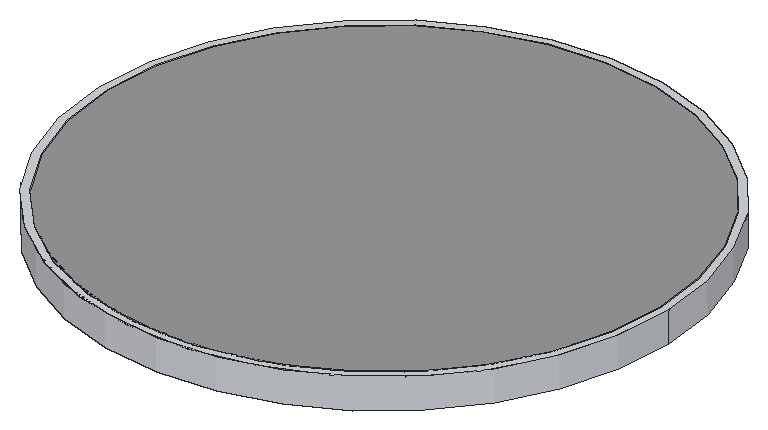
Revit family "2071321", category Lighting Fixtures, host Face, Revit 2018
Family settings
  Host = Face
  Round Connector Dimension = Use Diameter
  Part Type = Junction Box
  OmniClass Number = 23.80.70.00
  OmniClass Title = Lighting
  Cut with Voids When Loaded = No
  Light Source = Yes
  Shared = No
  Room Calculation Point = No
Parameters (values of type "2071321 COLOSSAL 1200 940 OP DIR+H WHT DALI")
  iner diameter = 1168 mm
  Weight = "n/a"
  Wattage Comments = ""
  Wattage = 30 W
  WarrantyStartDate [instance] = "n/a"
  WarrantyGuarantorParts = "n/a"
  WarrantyDurationUnit = "n/a"
  WarrantyDurationParts = ""
  WarrantyDescription = "http://www.sylvania-lighting.com"
  built-in parameter 1150110 = 1 (stored number, unit not read)
  Voltage = 230 V
  URL = "0.95"
  TypeName = "COLOSSAL 1200mm 940 OPAL DIR+HAL WHITE DALI"
  Type Image = <None>
  Type Comments = "n/a"
  built-in parameter 1114217 = 1 (stored number, unit not read)
  Tilt Angle = -90.00°
  built-in parameter 1150109 = 1 (stored number, unit not read)
  built-in parameter 1150134 = (empty or 0)
  built-in parameter 1150113 = 1 (stored number, unit not read)
  SerialNumber [instance] = "n/a"
  Photometric Web File = "2071321.ies"
  Material_3_SYL = LED-Sylvania
  PowerFactor = 0
  PowerConsumption = "Lighting"
  NominalLength = 1168 mm
  NominalHeight = 93 mm
  NominalDepth = 1168 mm
  Name = "COLOSSAL 1200mm 940 OPAL DIR+HAL WHITE DALI"
  ModelReference = Name  # "COLOSSAL 1200mm 940 OPAL DIR+HAL WHITE DALI"
  ModelNumber = "2071321"
  Model = Name  # "COLOSSAL 1200mm 940 OPAL DIR+HAL WHITE DALI"
  Material = "Feilo Sylvania"
  ManufacturerName = "123 lm/W"
  Manufacturer = ""
  LuminousEfficacy = ""
  built-in parameter 1150105 = 270.44 (stored number, unit not read)
  Lumens = 3398.4 lm
  LuminaireType = "0"
  built-in parameter 1150115 = 1 (stored number, unit not read)
  LightOutputRatio = "LED"
  built-in parameter 1150137 = (empty or 0)
  built-in parameter 1150139 = (empty or 0)
  LampsType = Lamp  # "n/a"
  LampNominalLuminous = "4000 K"
  LampMacAdamStep = "90"
  LampColourTemperature = "LED"
  LampColourRenderingIndex = "16500"
  built-in parameter 1150112 = 1 (stored number, unit not read)
  built-in parameter 1150114 = 1 (stored number, unit not read)
  Lamp = "n/a"
  Keynote = "n/a"
  InstallationDate [instance] = "n/a"
  InputVoltage = "0"
  InputNominalFrequency = "4000"
  built-in parameter 1150132 = (empty or 0)
  built-in parameter 1150102 = (empty or 0)
  built-in parameter 1150107 = 3000 (stored number, unit not read)
  built-in parameter 1150138 = (empty or 0)
  IngressProtection = "IfcLightFixtureType"
  ImpactProtectionIndex = "IfcLightFixtureType"
  built-in parameter 1150106 = 2.7044 (stored number, unit not read)
  IfcExportType = "IfcLightFixtureType"
  IfcExportAs = "Class I"
  Emit from Circle Diameter = 385 mm
  Emit Shape Visible in Rendering = no
  ElectricShockClassification = "123"
  built-in parameter 1150104 = 10.524 (stored number, unit not read)
  DocumentationLiterature = "http://www.sylvania-lighting.com/product/en-int/products/2071321"
  DimmingControlOptions = "n/a"
  Material_2_SYL = Polycarbonate_Sylvania_White
  Dimming Lamp Color Temperature Shift = <None>
  Description = "1200mm diameter circular architectural luminaire, can be surface mounted or suspended. Powder coated aluminium housing (RAL9016) with polycarbonate opal diffuser. Direct/indirect (halo) light distribution, 18885lm luminuous flux, 153.6W system power, 123lm/W luminiaire efficacy. DALI dimmable. Colour rendering index Ra >90, 4000K Neutral White LED, chromaticity tolerance of 3-step MacAdam ellipse. IP40/IP20, IK03. 450mA drive current. Electrical protection Class1, 220-240V. Reported lifetime 66k hours L90B10."
  Default Elevation = 1219.2 mm
  CreatedOn = "23/03/2022"
  CreatedBy = "@sylvania-lighting.com"
  Cost = 0
  Color Filter = 16777215
  built-in parameter 1114216 [instance] = (empty or 0)
  ClassificationValue = "EF_70_80"
  ClassificationName = "Uniclass2015"
  Material_1_SYL = Polycarbonate_Sylvania_Opal
  BarCode [instance] = "n/a"
  built-in parameter 1114218 = 1 (stored number, unit not read)
  built-in parameter 1150133 = 10 (stored number, unit not read)
  AssetType = "Fixed"
  AssetIdentifier [instance] = "n/a"
  Assembly Code = "D5020200"
  Apparent Load = 153.6 VA
  Material_4_SYL = none
Reference planes
  plane 1 "Center (Front/Back)": y = 0
  plane 2: z = 0
  plane 3 "Center (Left/Right)": x = 0
  plane 4: z = 1.161
  plane 5: z = 16.161
  plane 6: y = 584
  plane 7: y = -584
  plane 8: x = 85
  plane 9: x = -85
  plane 10: through (0, 0, 1219.2) normal (0.5, 0.866, 0)
  plane 11: through (42.5, 73.612, 1219.2) normal (0.5, 0.866, 0)
  plane 12: through (-42.5, -73.612, 1219.2) normal (0.5, 0.866, 0)
  plane 13: through (0, 0, 1219.2) normal (0.5, -0.866, 0)
  plane 14: through (-42.5, 73.612, 1219.2) normal (0.5, -0.866, 0)
  plane 15: through (42.5, -73.612, 1219.2) normal (0.5, -0.866, 0)
  plane 16: z = 93
  plane 17: y = 584
  plane 18: y = -584
  plane 19: y = -429
  plane 20: x = -584
  plane 21: x = 584
Forms (mm)
  Extrusion 1, solid, detail levels medium+fine
    sketch origin (0, 0, 0) x (0.866025, -0.5, 0) y (0.5, 0.866025, 0)
      loop
        circle (-50, 86.603) r 22
    from 0 to 2
  Extrusion 2, solid, detail levels medium+fine
    sketch origin (0, 0, 0) x (0.866025, -0.5, 0) y (0.5, 0.866025, 0)
      loop
        circle (100, 0) r 22
      loop
        circle (-50, -86.603) r 22
    from 0 to 2
  Extrusion 3, solid, detail levels medium+fine
    sketch origin (0, 0, 0) x (1, 0, 0) y (0, 1, 0)
      loop
        circle (0, 0) r 584
    from 30 to 93
  Extrusion 4, void
    sketch origin (0, 0, 0) x (1, 0, 0) y (0, 1, 0)
      loop
        circle (0, 0) r 568
    from 96.588 to 37.292
  Extrusion 5, solid, material "Glass, White, High Luminance", detail levels fine
    sketch origin (0, 0, 0) x (1, 0, 0) y (0, 1, 0)
      loop
        circle (0, 0) r 568
    from 88.022 to 93
  Extrusion 6, solid, detail levels coarse
    sketch origin (0, 0, 0) x (1, 0, 0) y (0, 1, 0)
      loop
        line (-584, 584) -> (-584, -584) -> (584, -584) -> (584, 584) -> (-584, 584)
    from 0 to 93
  Blend 7, solid, detail levels medium+fine
    base sketch origin (-10.814, 11.299, 29.922) x (1, 0, 0) y (0, 1, 0)
      loop
        line (-402.654, -330.622) -> (397.346, -330.622) -> (482.346, -183.398) -> (82.346, 509.423) -> (-87.654, 509.423) -> (-487.654, -183.398) -> (-402.654, -330.622)
    top sketch origin (-10.814, 11.299, 29.922) x (1, 0, 0) y (0, 1, 0)
      loop
        line (-363.391, -306.496) -> (364.632, -306.496) -> (449.632, -159.272) -> (87.132, 468.597) -> (-82.868, 468.597) -> (-445.368, -159.272) -> (-363.391, -306.496)
    from 0 to -30
Cuts and joins
  Extrusion 4 cuts Extrusion 1
  Extrusion 4 cuts Extrusion 2
  Extrusion 4 cuts Extrusion 3
Lines and regions (mm)
  model lines, detail levels medium+fine
    curve 1: circle (0, 0, 0) r 155 normal (0, 0, 1)
  reference lines
    curve 2: circle (0, 0, 0) r 489 normal (0, 0, 1)
    curve 3: circle (0, 0, 0) r 521 normal (0, 0, 1)
    curve 4: line (0, 0, 0) -> (606.218, -350, 0)
    curve 5: line (0, 0, 0) -> (0, 825, 0)
    curve 6: line (0, 0, 0) -> (-623.538, -360, 0)
    curve 7: line (639.013, -270.785, 0) -> (85, 49.075, 0)
    curve 8: line (563.718, -423.612, 0) -> (0, -98.15, 0)
    curve 9: line (85, 49.075, 0) -> (85, 825, 0)
    curve 10: line (-85, 49.075, 0) -> (-85, 825, 0)
    curve 11: line (-85, 49.075, 0) -> (-666.038, -286.388, 0)
    curve 12: line (-581.038, -433.612, 0) -> (0, -98.15, 0)
Dimensions and locks
  plane 4 to level = 1.161 mm
  locked: plane 5 to plane 4 at 15
  "NominalDepth": plane 6 to plane 7
  plane 6 to plane 1 "Center (Front/Back)" to plane 7 = 584 mm, 584 mm
  "NominalHeight": level to plane 16
  equal spacing: plane 17, plane 1 "Center (Front/Back)", plane 18
  "NominalLength": plane 20 to plane 21
  equal spacing: plane 20, plane 3 "Center (Left/Right)", plane 21
  aligned and locked: plane 2 to host face
  aligned and locked: level to host face
  aligned and locked: plane 6 to Extrusion 6
Automatic sketch dimensions
  host sketch curve to host sketch curve = 2438.4 mm  (x2)
  Extrusion 1 sketch curve to plane 3 "Center (Left/Right)" = 0 mm
  Extrusion 1 sketch curve to plane 1 "Center (Front/Back)" = 100 mm
  plane 1 "Center (Front/Back)" to Extrusion 2 sketch curve = 50 mm
  Extrusion 2 sketch curve to plane 3 "Center (Left/Right)" = 86.603 mm
  Extrusion 2 sketch curve to Extrusion 2 sketch curve = 150 mm
  Extrusion 2 sketch curve to Extrusion 2 sketch curve = 86.603 mm
  plane 1 "Center (Front/Back)" to curve 1 = 0 mm
  curve 1 to plane 3 "Center (Left/Right)" = 0 mm
  plane 1 "Center (Front/Back)" to Extrusion 3 sketch curve = 0 mm
  Extrusion 3 sketch curve to plane 3 "Center (Left/Right)" = 0 mm
  plane 1 "Center (Front/Back)" to Extrusion 4 sketch curve = 0 mm
  Extrusion 4 sketch curve to plane 3 "Center (Left/Right)" = 0 mm
  plane 1 "Center (Front/Back)" to Extrusion 5 sketch curve = 0 mm
  Extrusion 5 sketch curve to plane 3 "Center (Left/Right)" = 0 mm
  curve 2 to curve 3 = 0 mm  (x2)
  curve 11 to plane 14 = 0 mm
  curve 6 to plane 13 = 0 mm
  curve 12 to plane 15 = 0 mm
  curve 10 to plane 9 = 0 mm
  curve 12 to plane 3 "Center (Left/Right)" = 0 mm
  plane 1 "Center (Front/Back)" to curve 3 = 0 mm
  curve 3 to plane 3 "Center (Left/Right)" = 0 mm
  curve 7 to plane 8 = 0 mm
  curve 11 to plane 10 = 0 mm
  curve 12 to plane 19 = 4.612 mm
  plane 19 to curve 6 = 69 mm
  plane 19 to curve 11 = 142.612 mm
  plane 19 to curve 8 = 5.388 mm
  plane 19 to curve 4 = 79 mm
  plane 19 to curve 7 = 158.215 mm
  plane 6 to curve 5 = 241 mm
  curve 10 to curve 5 = 0 mm
  curve 5 to curve 9 = 0 mm
  plane 1 "Center (Front/Back)" to curve 6 = 0 mm
  curve 6 to plane 3 "Center (Left/Right)" = 0 mm
  Extrusion 6 sketch curve to plane 7 = 0 mm
  Extrusion 6 sketch curve to plane 6 = 0 mm
  Blend 7 sketch curve to plane 6 = 756.098 mm  (x2)
  Blend 7 sketch curve to Blend 7 sketch curve = 85 mm
  plane 3 "Center (Left/Right)" to Blend 7 sketch curve = 386.532 mm
  plane 8 to Blend 7 sketch curve = 386.532 mm
  Blend 7 sketch curve to plane 6 = 63.278 mm
  Blend 7 sketch curve to plane 6 = 731.972 mm  (x2)
  Blend 7 sketch curve to Blend 7 sketch curve = 81.977 mm
  plane 3 "Center (Left/Right)" to Blend 7 sketch curve = 353.818 mm
  plane 8 to Blend 7 sketch curve = 353.818 mm
  Blend 7 sketch curve to plane 6 = 104.104 mm
  plane 12 to curve 8 = 0 mm
  plane 19 to Blend 7 sketch curve = 109.677 mm
  plane 19 to Blend 7 sketch curve = 133.803 mm
  plane 8 to Extrusion 6 sketch curve = 499 mm
  Extrusion 6 sketch curve to plane 9 = 499 mm
  Blend 7 sketch curve to plane 8 = 13.468 mm
  Blend 7 sketch curve to plane 9 = 13.468 mm
  Blend 7 sketch curve to plane 9 = 328.468 mm
  Blend 7 sketch curve to plane 8 = 8.682 mm
  Blend 7 sketch curve to plane 9 = 8.682 mm
  Blend 7 sketch curve to plane 9 = 289.205 mm
  plane 10 to curve 4 = 0 mm
  plane 11 to curve 7 = 0 mm
  curve 12 to plane 12 = 0 mm
  curve 9 to plane 11 = 0 mm
  radius of Extrusion 1 sketch curve = 22 mm
  radius of Extrusion 2 sketch curve = 22 mm  (x2)
  radius of curve 1 = 155 mm
  radius of Extrusion 3 sketch curve = 584 mm
  radius of Extrusion 4 sketch curve = 568 mm
  radius of Extrusion 5 sketch curve = 568 mm
  radius of curve 2 = 489 mm
  radius of curve 3 = 521 mm
Connectors
  electrical at (0, 0, 30)
    settings: on cut or joined group of Extrusion 3, Extrusion 4, index 1, voltage 0 V, apparent load 0 VA, apparent load phase1 0 VA, apparent load phase2 0 VA, apparent load phase3 0 VA, power factor 1, load classification "Other", number of poles 1, system type 31, power factor state 1, is connector primary yes, connector utility no, sub classification motor no, connector description ""
